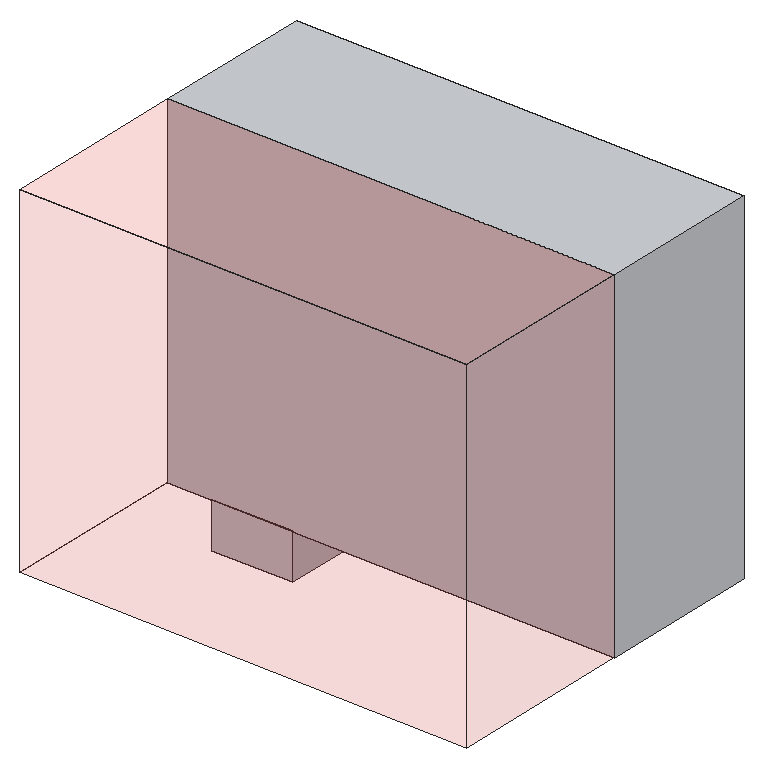
Revit family
Parameters (values of type "230 Volt Three Phase")
  Weight Scheduled [instance] = 141  # constant formula
  Voltage Workaround = Voltage / 1 V  # 230
  Voltage Scheduled = Voltage  # 230 V
  Voltage = 230 V
  VoltAmps Workaround [instance] = Voltage Workaround * Total FLA * sqrt(Phase)  # 677.2319
  VoltAmps [instance] = VoltAmps Workaround * 1 VA  # 677.232 VA
  URL = "http://www.renewaire.com/_assets/files/SubmittalForms/EV450INSubmittal.pdf"
  Total FLA [instance] = if(Voltage = 115 V, if(Phase = 1, 7, 0), if(or(Voltage = 208 V, Voltage = 230 V), if(Phase = 1, 3.5, if(Phase = 3, 1.7, 0)), if(Voltage = 277 V, if(Phase = 1, 2.4, 0), if(Voltage = 460 V, if(Phase = 3, 0.8, 0), 0))))  # 1.7
  Supply Motor RPM Scheduled [instance] = 0
  Supply Motor HP Scheduled [instance] = Supply Motor HP  # 0.5
  Supply Motor HP [instance] = if(Phase = 1, 0.6, if(Phase = 3, 0.5, 0))  # 0.5
  Supply Motor Count Scheduled [instance] = Supply Motor Count  # 1
  Supply Motor Count [instance] = 1  # constant formula
  Supply ESP Scheduled [instance] = Supply ESP  # 1.25
  Supply ESP [instance] = if(Supply CFM < 226 CFM, 1.25, if(Supply CFM < 339 CFM, 1, if(Supply CFM < 381 CFM, 0.9, if(Supply CFM < 451 CFM, 0.65, if(Supply CFM < 541 CFM, 0.25, if(Supply CFM < 576 CFM, 0, if(Supply CFM < 601 CFM, -0.25, if(Supply CFM > 600 CFM, 0, 0))))))))  # 1.25
  Supply CFM Scheduled [instance] = Supply CFM  # 0 CFM
  Supply CFM [instance] = 0 CFM
  Supply Air Winter RH Scheduled [instance] = 0
  Supply Air Winter DB Scheduled [instance] = 0
  Supply Air Summer RH Scheduled [instance] = 0
  Supply Air Summer DB Scheduled [instance] = 0
  Phase Scheduled = Phase  # 3
  Phase = 3
  Outside Air Winter RH Scheduled [instance] = 0
  Outside Air Winter DB Scheduled [instance] = 0
  Outside Air Summer RH Scheduled [instance] = 0
  Outside Air Summer DB Scheduled [instance] = 0
  Number of Poles = 3
  Model = "EV450IN"
  Manufacturer = "RenewAire"
  MOCP Scheduled [instance] = 0
  MCA Scheduled [instance] = 0
  FLA Scheduled [instance] = Total FLA  # 1.7
  Exhaust RH Scheduled [instance] = 0
  Exhaust Motor RPM Scheduled [instance] = 0
  Exhaust Motor HP Scheduled [instance] = 0.5
  Exhaust Motor Count Scheduled [instance] = 0
  Exhaust ESP Scheduled [instance] = Exhaust ESP  # 1.25
  Exhaust ESP [instance] = if(Exhaust CFM < 226 CFM, 1.25, if(Exhaust CFM < 339 CFM, 1, if(Exhaust CFM < 381 CFM, 0.9, if(Exhaust CFM < 451 CFM, 0.65, if(Exhaust CFM < 541 CFM, 0.25, if(Exhaust CFM < 576 CFM, 0, if(Exhaust CFM < 601 CFM, -0.25, if(Exhaust CFM > 600 CFM, 0, 0))))))))  # 1.25
  Exhaust DB Scheduled [instance] = 0
  Exhaust CFM Scheduled [instance] = Exhaust CFM  # 0 CFM
  Exhaust CFM [instance] = 0 CFM
  Enthalpy Effect Winter Scheduled [instance] = if(Supply CFM < 226 CFM, 76, if(Supply CFM < 339 CFM, 71, if(Supply CFM < 381 CFM, 69, if(Supply CFM < 451 CFM, 66, if(Supply CFM < 541 CFM, 62, if(Supply CFM < 576 CFM, 61, if(Supply CFM < 601 CFM, 60, if(Supply CFM > 600 CFM, 0, 0))))))))  # 76
  Enthalpy Effect Summer Scheduled [instance] = if(Supply CFM < 226 CFM, 66, if(Supply CFM < 339 CFM, 61, if(Supply CFM < 381 CFM, 59, if(Supply CFM < 451 CFM, 56, if(Supply CFM < 541 CFM, 52, if(Supply CFM < 576 CFM, 51, if(Supply CFM < 601 CFM, 50, if(Supply CFM > 600 CFM, 0, 0))))))))  # 66
Types (8): name | Voltage Workaround | Voltage Scheduled | Voltage | VoltAmps Workaround | VoltAmps | Total FLA | Supply Motor HP Scheduled | Supply Motor HP | Phase Scheduled | Phase | Number of Poles | FLA Scheduled | Exhaust Motor HP Scheduled
  (no name) | 230 | 230 V | 230 V | 677.2319 | 677.232 VA | 1.7 | 0.5 | 0.5 | 3 | 3 | 3 | 1.7 | 0.5
  115 V Single Phase | 115 | 115 V | 115 V | 805 | 805 VA | 7 | 0.6 | 0.6 | 1 | 1 | 1 | 7 | 0.6
  208 V Single Phase | 208 | 208 V | 208 V | 728 | 728 VA | 3.5 | 0.6 | 0.6 | 1 | 1 | 2 | 3.5 | 0.6
  230 Volt Single Phase | 230 | 230 V | 230 V | 805 | 805 VA | 3.5 | 0.6 | 0.6 | 1 | 1 | 2 | 3.5 | 0.6
  277 Volt Single Phase | 277 | 277 V | 277 V | 664.8 | 664.8 VA | 2.4 | 0.6 | 0.6 | 1 | 1 | 1 | 2.4 | 0.6
  208 V Three Phase | 208 | 208 V | 208 V | 612.4532 | 612.453 VA | 1.7 | 0.5 | 0.5 | 3 | 3 | 3 | 1.7 | 0.5
  230 Volt Three Phase | 230 | 230 V | 230 V | 677.2319 | 677.232 VA | 1.7 | 0.5 | 0.5 | 3 | 3 | 3 | 1.7 | 0.5
  460 Volt Three Phase | 460 | 460 V | 460 V | 637.3947 | 637.395 VA | 0.8 | 0.5 | 0.5 | 3 | 3 | 3 | 0.8 | 0.5
Reference planes (in)
  plane 1 "Center (Front/Back)": y = 0
  plane 2: z = 0
  plane 3 "Center (Left/Right)": x = 0
Forms (in)
  Extrusion 1, solid
    sketch origin (0, 0, 0) x (1, 0, 0) y (0, 1, 0)
      loop
        line (-22.0625, -7.875) -> (22.0625, -7.875) -> (22.0625, 8) -> (-22.0625, 8) -> (-22.0625, -7.875)
    from 0 to 33.875
  Extrusion 2, solid
    sketch origin (0, 0, 0) x (1, 0, 0) y (0, 1, 0)
      loop
        line (-22.0625, -7.875) -> (-22.0625, -26.125) -> (22.0625, -26.125) -> (22.0625, -7.875) -> (-22.0625, -7.875)
    from 0 to 33.875
  Extrusion 3, solid
    sketch origin (0, 0, 0) x (0, 1, 0) y (1, 0, 0)
      loop
        line (0.125, -17.7608) -> (0.125, -9.7608) -> (-7.875, -9.7608) -> (-7.875, -17.7608) -> (0.125, -17.7608)
    from 0 to 4.5
Lines and regions (in)
  Split face 1
    outline origin (-22.0625, -6.00051, 0) x (0, -1, 0) y (0, 0, 1)
      loop
        line (-13.00051, 22.375) -> (-13.00051, 18) -> (-6.37551, 18) -> (-6.37551, 22.375) -> (-13.00051, 22.375)
  Split face 2
    outline origin (-22.0625, -6.00051, 0) x (0, -1, 0) y (0, 0, 1)
      loop
        line (-13.00051, 13.625) -> (-13.00051, 9.125) -> (-6.37551, 9.125) -> (-6.37551, 13.625) -> (-13.00051, 13.625)
  Split face 3
    outline origin (22.0625, -6.56789, 0) x (0, 1, 0) y (0, 0, 1)
      loop
        line (12.44289, 30.875) -> (4.56789, 30.875) -> (4.56789, 19) -> (12.44289, 19) -> (12.44289, 30.875)
  Split face 4
    outline origin (22.0625, -6.56789, 0) x (0, 1, 0) y (0, 0, 1)
      loop
        line (4.56789, 14.875) -> (4.56789, 3.125) -> (12.44289, 3.125) -> (12.44289, 14.875) -> (4.56789, 14.875)
  model lines
    curve 1: line (22.0625, 8, 33.875) -> (20.8125, 8, 35.125)
    curve 2: line (20.8125, 8, 35.125) -> (-20.8125, 8, 35.125)
    curve 3: line (-22.0625, 8, 33.875) -> (-20.8125, 8, 35.125)
    curve 4: circle (20.0625, 8, 34.5625) r 0.25 normal (0, 1, 0)
    curve 5: circle (12.0625, 8, 34.5625) r 0.25 normal (0, 1, 0)
    curve 6: circle (4.0625, 8, 34.5625) r 0.25 normal (0, 1, 0)
    curve 7: circle (-3.9375, 8, 34.5625) r 0.25 normal (0, 1, 0)
    curve 8: circle (-11.9375, 8, 34.5625) r 0.25 normal (0, 1, 0)
    curve 9: circle (-19.9375, 8, 34.5625) r 0.25 normal (0, 1, 0)
    curve 10: line (22.0625, 8, 0) -> (20.8125, 8, -1.25)
    curve 11: line (20.8125, 8, -1.25) -> (-20.8125, 8, -1.25)
    curve 12: line (-22.0625, 8, 0) -> (-20.8125, 8, -1.25)
    curve 13: circle (20.0625, 8, -0.6875) r 0.25 normal (0, -1, 0)
    curve 14: circle (12.0625, 8, -0.6875) r 0.25 normal (0, -1, 0)
    curve 15: circle (4.0625, 8, -0.6875) r 0.25 normal (0, -1, 0)
    curve 16: circle (-4.1875, 8, -0.6875) r 0.25 normal (0, -1, 0)
    curve 17: circle (-11.6875, 8, -0.6875) r 0.25 normal (0, -1, 0)
    curve 18: circle (-20.1875, 8, -0.6875) r 0.25 normal (0, -1, 0)
Dimensions and locks (in)
  equal spacing: Extrusion 1 sketch curve, plane 3 "Center (Left/Right)", Extrusion 1 sketch curve
  Extrusion 1 sketch curve to plane 3 "Center (Left/Right)" = 1' - 10 1/16"
  Extrusion 1 sketch curve to plane 1 "Center (Front/Back)" = 0' - 8"
  Extrusion 1 to Split face 2 sketch curve = 1' - 8 1/4"
  Extrusion 1 to Split face 2 sketch curve = 2' - 0 3/4"
  Split face 3 sketch curve to Extrusion 1 = 0' - 10"
  Split face 3 sketch curve to Extrusion 1 = 0' - 2 1/8"
  Extrusion 1 to Split face 3 sketch curve = 0' - 3"
  Extrusion 1 to Split face 3 sketch curve = 1' - 2 7/8"
  Split face 4 sketch curve to Extrusion 1 = 1' - 7"
  Extrusion 1 to Split face 4 sketch curve = 2' - 6 3/4"
  Extrusion 1 sketch curve to plane 1 "Center (Front/Back)" = 0' - 7 7/8"
  Split face 4 sketch curve to Extrusion 1 = 0' - 2 1/8"
  Split face 4 sketch curve to Extrusion 1 = 0' - 10"
  Extrusion 1 to Split face 1 sketch curve = 0' - 1"
  Extrusion 1 to Split face 1 sketch curve = 0' - 7 5/8"
  Extrusion 1 to Split face 2 sketch curve = 0' - 1"
  Extrusion 1 to Split face 2 sketch curve = 0' - 7 5/8"
Connectors (in)
  hvac at (-22.0625, 3.6875, 20.1875), driven by "Supply CFM"
    settings: on Extrusion 1, index 1, duct flow 0 CFM, flow factor 0, pres drop 0.00 in-wg, loss coef 0, conn angle 0.00°, conn width 6 5/8", conn height 4 3/8", conn radius 12", duct sys type 3, conn prof type 1, flow config 0, flow direction 2, loss method 0, conn ref index -1, conn util no, is conn primary yes, conn desc ""
  hvac at (22.0625, 1.9375, 24.9375), driven by "Exhaust CFM"
    settings: on Extrusion 1, index 3, duct flow 0 CFM, flow factor 0, pres drop 0.00 in-wg, loss coef 0, conn angle 0.00°, conn width 8", conn height 12", conn radius 12", duct sys type 1, conn prof type 1, flow config 1, flow direction 1, loss method 0, conn ref index -1, conn util no, is conn primary no, conn desc ""
  hvac at (22.0625, 1.9375, 9), driven by "Supply CFM"
    settings: on Extrusion 1, index 4, duct flow 0 CFM, flow factor 0, pres drop 0.00 in-wg, loss coef 0, conn angle 0.00°, conn width 8", conn height 12", conn radius 12", duct sys type 3, conn prof type 1, flow config 0, flow direction 1, loss method 0, conn ref index -1, conn util no, is conn primary no, conn desc ""
  electrical at (-13.7608, -3.875, -4.5), driven by "VoltAmps", driven by "Voltage Scheduled", driven by "Number of Poles", driven by "VoltAmps"
    settings: on Extrusion 3, index 6, voltage 230 V, apparent load 677.232 VA, apparent load phase1 677.232 VA, apparent load phase2 0 VA, apparent load phase3 0 VA, power factor 1, load classification "HVAC", number of poles 3, system type 30, power factor state 1, is connector primary yes, connector utility no, sub classification motor no, connector description ""
  hvac at (-22.0625, 3.6875, 11.375), driven by "Exhaust CFM"
    settings: on Extrusion 1, index 7, duct flow 0 CFM, flow factor 0, pres drop 0.00 in-wg, loss coef 0, conn angle 0.00°, conn width 6 5/8", conn height 4 3/8", conn radius 12", duct sys type 1, conn prof type 1, flow config 0, flow direction 2, loss method 0, conn ref index -1, conn util no, is conn primary no, conn desc ""
